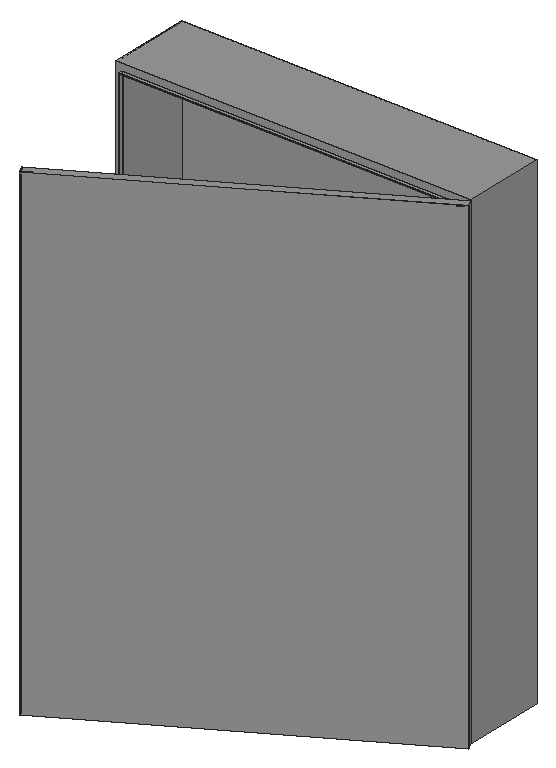
Revit family "Hager-Univers-IP44-D205-H1100-Cl.II-Encl-NoHosted-CH-it", category Electrical Equipment, Revit 2020
Family settings
  Panel Configuration = Two Columns, Circuits Across
  Round Connector Dimension = Use Diameter
  Part Type = Panelboard
  Work Plane-Based = Yes
  Always vertical = Yes
  Cut with Voids When Loaded = No
  Shared = No
  Room Calculation Point = No
Parameters (values of type "A parete IP44 L800 A1100 P205  - FP73QS")
  Width Control [instance] = if([EF000008 - Larghezza] > Min Width, [EF000008 - Larghezza], Min Width)  # 800 mm
  Type Comments = [HG000003 - Gamma]  # "Univers"
  Thickness Door [instance] = if([EF009171 - spessore materiale porta/coperchio] > 3 mm, 3 mm, [EF009171 - spessore materiale porta/coperchio])  # 1 mm
  Seal Frame Offset [instance] = 17 mm  # constant formula
  Plinth Visibility [instance] = [HG000027 - Altezza dello zoccolo] > 0 mm  # no
  Min Width [instance] = 100 mm  # constant formula
  Min Depth [instance] = (2 * [EF009170 - spessore materiale scatola]) + 1 mm  # 3 mm
  Min Height [instance] = 100 mm  # constant formula
  Internal Frame Depth [instance] = (Door System Depth * 0.5)  # 9 mm
  Panel Name [instance] = ""  # (empty or 0)
  Model = ""
  HG000027 - Altezza dello zoccolo = 0 mm
  HG000026 - A pavimento = no
  HG000024 - Altezza della sezione inferiore = 600 mm
  HG000023 - Custodia a doppia sezione = no
  HG000016 - Visibilità delle porte nella vista 3D [instance] = yes
  HG000015 - Visibilità attraverso la porta [instance] = no
  HG000014 - Porta destra [instance] = yes
  HG000013 - Porta sinistra [instance] = not([HG000014 - Porta destra])  # no
  HG000012 - Angolo di apertura della porta [instance] = 30.00°
  HG000010 - Porte asimmetriche = no
  HG000009 - Porta doppia a battente = no
  HG000006 - Ad incasso = no
  HG000004 - Codice produttore = "FP73QS"
  HG000003 - Gamma = "Univers"
  HG000002 - Con porta = yes
  Frame Offset Bottom [instance] = 10 mm  # constant formula
  Frame Offset [instance] = 15 mm  # constant formula
  EF015940 - Coprire con rilascio di sovrapressione = no
  EF011959 - tipo di protezione (NEMA) = ""
  EF009554 - numero delle aperture per la piastra della flangia = 6
  EF009212 - esecuzione coperchio = "EV000116 - chiuso"
  EF009171 - spessore materiale porta/coperchio = 1 mm
  EF009170 - spessore materiale scatola = 1 mm
  EF008873 - corrente nominale (In) = 250 A
  EF007800 - adatto per parafulmine = no
  EF006306 - con serratura = no
  EF006244 - coperchio/porta trasparente = no
  EF005474 - grado di protezione (IP) = "EV006418 - IP44"
  EF004464 - tipo di porta = "EV002646 - singolo"
  EF004427 - numero di moduli = 252
  EF004293 - resistenza agli urti = "EV006815 - IK09"
  EF003532 - adatto per uso esterno = no
  EF002950 - Numero moduli DIN = 36
  EF001613 - Integrità del circuito = "EV000494 - senza"
  EF001596 - Attacco Lampada = "EV000179 - acciaio"
  EF001131 - profondità interna = 143 mm
  EF001088 - possibilità di applicazione = yes
  EF000437 - numero di ingressi per conduttori = 6
  EF000339 - tipo di copertura = "EV001012 - coperchio"
  EF000266 - numero di file = 7
  EF000218 - profondità di incasso = 0 mm
  EF000118 - con piastra di montaggio = no
  EF000116 - numero RAL = "9010"
  EF000049 - profondità = 205 mm
  EF000040 - Altezza = 1100 mm
  EF000008 - Larghezza = 800 mm
  EF000007 - colore = "EV000202 - bianco"
  EF000003 - Tipo di montaggio = "EV000384 - A parete"
  Door System Leaf Tolerance [instance] = 1.5 mm  # constant formula
  Door System Depth [instance] = 18 mm  # constant formula
  Door Height [instance] = Height Control - [HG000027 - Altezza dello zoccolo]  # 1100 mm
  Description = ""
  Default Elevation = 1219.2 mm
  Connector Offset [instance] = Height Control / 2  # 550 mm
  Manufacturer = "Hager"  # constant formula
  Height Control [instance] = if([EF000040 - Altezza] > Min Height, [EF000040 - Altezza], Min Height)  # 1100 mm
  Depth Control [instance] = if([EF000049 - profondità] > Min Depth, [EF000049 - profondità], Min Depth)  # 205 mm
  Bottom Top Plate Trim [instance] = 1.5 mm  # constant formula
  Plinth height Ctrl [instance] = if([HG000027 - Altezza dello zoccolo] > 0 mm, [HG000027 - Altezza dello zoccolo], 12 mm)  # 12 mm
Types (5, lengths in mm): name | Width Control | HG000009 - Porta doppia a battente | HG000004 - Codice produttore | EF009554 - numero delle aperture per la piastra della flangia | EF004464 - tipo di porta | EF004427 - numero di moduli | EF002950 - Numero moduli DIN | EF000437 - numero di ingressi per conduttori | EF000008 - Larghezza
  A parete IP44 L1050 A1100 P205  - FP74QS | 1050 | yes | "FP74QS" | 8 | "EV003602 - doppio" | 336 | 48 | 8 | 1050
  A parete IP44 L1300 A1100 P205  - FP75QS | 1300 | yes | "FP75QS" | 10 | "EV003602 - doppio" | 420 | 60 | 10 | 1300
  A parete IP44 L300 A1100 P205  - FP71QS | 300 | no | "FP71QS" | 2 | "EV002646 - singolo" | 84 | 12 | 2 | 300
  A parete IP44 L550 A1100 P205  - FP72QS | 550 | no | "FP72QS" | 4 | "EV002646 - singolo" | 168 | 24 | 4 | 550
  A parete IP44 L800 A1100 P205  - FP73QS | 800 | no | "FP73QS" | 6 | "EV002646 - singolo" | 252 | 36 | 6 | 800
Reference planes
  plane 1 "Center (Front/Back)": y = 0
  plane 2: z = 0
  plane 3 "Center (Left/Right)": x = 0
  plane 4: y = 0
  plane 5: y = 0
  plane 6: z = 0
  plane 7: x = -400
  plane 8: x = 400
  plane 9: x = 399
  plane 10: x = -399
  plane 11: z = 0
  plane 12: z = 1
  plane 13: y = -205
  plane 14: y = -1
  plane 15: x = 0
  plane 16: y = -187
  plane 17: y = -204
  plane 18: y = -186
  plane 19: x = -384
  plane 20: x = 384
  plane 21: z = 11
  plane 22: x = -383
  plane 23: x = 383
  plane 24: z = 0
  plane 25: z = 1100
  plane 26: z = 1100
  plane 27: z = 1084
  plane 28: z = 1099
Forms (mm)
  Extrusion 1, solid, material "Hager_Steel_RAL7035_Light_Grey", detail levels medium+fine
    sketch origin (-208.679, -4572, 0) x (-1, 0, 0) y (0, -1, 0)
      loop
        line (191.321, -4385) -> (-608.679, -4385) -> (-608.679, -4572) -> (191.321, -4572) -> (191.321, -4385)
    from 0 to 1100
  Extrusion 2, void
    sketch origin (-350.771, -205, 1219.2) x (1, 0, 0) y (0, 0, 1)
      loop
        line (-48.229, -120.2) -> (-48.229, -1218.2) -> (749.771, -1218.2) -> (749.771, -120.2) -> (-48.229, -120.2)
    from -19 to -204
  Extrusion 3, void
    sketch origin (-290.084, -187, 1219.2) x (1, 0, 0) y (0, 0, 1)
      loop
        line (-93.916, -1208.2) -> (674.084, -1208.2) -> (674.084, -135.2) -> (-93.916, -135.2) -> (-93.916, -1208.2)
    from 0 to -1
  Extrusion 4, solid, material "Hager_Steel_RAL7035_Light_Grey", visible <- "Plinth Visibility", detail levels medium+fine
    sketch origin (0, 0, 0) x (1, 0, 0) y (0, 1, 0)
      loop
        line (-400, 0) -> (-400, -187) -> (400, -187) -> (400, 0) -> (-400, 0)
    from 0 to 12 <- "Plinth height Ctrl"
  Extrusion 5, solid, material "Hager_Steel_RAL7035_Light_Grey", detail levels coarse
    sketch origin (0, 0, 0) x (1, 0, 0) y (0, 1, 0)
      loop
        line (-400, 0) -> (-400, -205) -> (400, -205) -> (400, 0) -> (-400, 0)
    from 0 to 1100 <- "Height Control"
  Sweep 6, void
    path in 3D
      loop
        line (-400, -187, 12) -> (400, -187, 12) -> (400, 0, 12) -> (-400, 0, 12) -> (-400, -187, 12)
    profile origin (-400, -93.5, 12) x (1, 0, 0) y (0, 0, 1)
      loop
        line (0, 0) -> (0, -1.5) -> (1.5, -1.5)
        arc (1.5, -1.5) -> (1.061, -0.439) -> (0, 0) r 1.5
  Extrusion 7, solid, material "Hager_Steel_RAL7035_Light_Grey", detail levels fine
    sketch origin (-400, -187, 0) x (1, 0, 0) y (0, 0, 1)
      loop
        line (16, 11) -> (784, 11) -> (784, 1084) -> (16, 1084) -> (16, 11)
      loop
        line (15, 10) -> (785, 10) -> (785, 1085) -> (15, 1085) -> (15, 10)
    from 0 to 9 <- "Internal Frame Depth"
Cuts and joins
  Extrusion 2, Extrusion 3 cuts Extrusion 1
  Sweep 6 cuts Extrusion 4
Lines and regions (mm)
  Masking region 1
    outline origin (0, 0, 0) x (1, 0, 0) y (0, 1, 0)
      loop
        line (-400, 0) -> (-400, -205) -> (400, -205) -> (400, 0) -> (-400, 0)
  Masking region 2, detail levels coarse
    outline origin (-290.084, -187, 1219.2) x (-1, 0, 0) y (0, 0, 1)
      loop
        line (-690.084, -1219.2) -> (109.916, -1219.2) -> (109.916, -119.2) -> (-690.084, -119.2) -> (-690.084, -1219.2)
  Masking region 3, detail levels coarse
    outline origin (0, 0, 0) x (0, 1, 0) y (0, 0, 1)
      loop
        line (0, 0) -> (0, 1100) -> (-205, 1100) -> (-205, 0) -> (0, 0)
  Masking region 4, visible <- "Plinth Visibility", detail levels medium+fine
    outline origin (0, 0, 0) x (0, 1, 0) y (0, 0, 1)
      loop
        line (-1.5, 12) -> (-185.5, 12)
        arc (-185.5, 12) -> (-185.939, 10.939) -> (-187, 10.5) r 1.5
        line (-187, 10.5) -> (-187, 0) -> (0, 0) -> (0, 10.5)
        arc (0, 10.5) -> (-1.061, 10.939) -> (-1.5, 12) r 1.5
  Masking region 5, detail levels medium+fine
    outline origin (0, 0, 594.038) x (0, 1, 0) y (0, 0, 1)
      loop
        line (0, -594.038) -> (0, 505.962) -> (-187, 505.962) -> (-187, -594.038) -> (0, -594.038)
  Masking region 6, detail levels medium+fine
    outline origin (-359.7, -187, 1211.883) x (-1, 0, 0) y (0, 0, 1)
      loop
        line (-759.7, -1211.883) -> (40.3, -1211.883) -> (40.3, -111.883) -> (-759.7, -111.883) -> (-759.7, -1211.883)
  Masking region 7, visible <- "Plinth Visibility", detail levels medium+fine
    outline origin (-320.334, -187, 1041.368) x (-1, 0, 0) y (0, 0, 1)
      loop
        line (-720.334, -1041.368) -> (79.666, -1041.368) -> (79.666, -1030.868)
        arc (79.666, -1030.868) -> (78.606, -1030.429) -> (78.166, -1029.368) r 1.5
        line (78.166, -1029.368) -> (-718.834, -1029.368)
        arc (-718.834, -1029.368) -> (-719.273, -1030.429) -> (-720.334, -1030.868) r 1.5
        line (-720.334, -1030.868) -> (-720.334, -1041.368)
  sketch lines
    curve 1: line (-400, 0, 12) -> (-400, -187, 12)
    curve 2: line (-400, -187, 12) -> (400, -187, 12)
    curve 3: line (400, 0, 12) -> (-400, 0, 12)
    curve 4: line (400, -187, 12) -> (400, 0, 12)
Dimensions and locks
  locked: plane 1 "Center (Front/Back)" to plane 5
  "EF009170 - spessore materiale scatola": plane 7 to plane 10
  "EF009170 - spessore materiale scatola": plane 8 to plane 9
  equal spacing: plane 7, plane 3 "Center (Left/Right)", plane 8
  "Width Control": plane 7 to plane 8
  "Depth Control": plane 4 to plane 13
  "EF009170 - spessore materiale scatola": plane 4 to plane 14
  "Height Control": plane 25 to level
  "HG000027 - Altezza dello zoccolo": plane 11 to level
  "EF009170 - spessore materiale scatola": plane 12 to plane 11
  "EF009170 - spessore materiale scatola": plane 17 to plane 13
  "EF009170 - spessore materiale scatola": plane 18 to plane 16
  "Frame Offset Bottom": plane 21 to plane 12
  "Frame Offset": plane 10 to plane 19
  "Frame Offset": plane 9 to plane 20
  "Door System Depth": plane 16 to plane 13
  "Seal Frame Offset": plane 7 to plane 22
  "Seal Frame Offset": plane 8 to plane 23
  "EF009170 - spessore materiale scatola": plane 26 to plane 28
  "Frame Offset": plane 28 to plane 27
  "Connector Offset": plane 2 to connector elem
  "Bottom Top Plate Trim": profile plane to Sweep 6 sketch curve
  "Bottom Top Plate Trim": Sweep 6 sketch curve to Sweep 6 sketch curve
  "Plinth height Ctrl": Masking region 4 sketch curve to level
  "Plinth height Ctrl": Masking region 7 sketch curve to level
  "Thickness Door": Extrusion 7 sketch curve to Extrusion 7 sketch curve  (x4)
  "Bottom Top Plate Trim": radius of Sweep 6 sketch curve
  "Bottom Top Plate Trim": radius of Masking region 4 sketch curve  (x2)
  "Bottom Top Plate Trim": radius of Masking region 7 sketch curve  (x2)
  aligned and locked: Extrusion 2 sketch curve to plane 12
  aligned and locked: Extrusion 2 sketch curve to plane 9
  aligned and locked: Extrusion 2 sketch curve to plane 10
  aligned and locked: Extrusion 2 to plane 14
  aligned and locked: Extrusion 1 sketch curve to plane 4
  aligned and locked: plane 8 to Extrusion 1 sketch curve
  aligned and locked: plane 7 to Extrusion 1 sketch curve
  aligned and locked: Extrusion 2 to plane 18
  aligned and locked: Extrusion 3 sketch curve to plane 19
  aligned and locked: plane 20 to Extrusion 3 sketch curve
  aligned and locked: Extrusion 3 to Extrusion 2
  aligned and locked: Extrusion 3 sketch curve to plane 21
  aligned and locked: plane 3 "Center (Left/Right)" to nested 1
  aligned and locked: Extrusion 1 sketch curve to plane 16
  aligned and locked: Extrusion 4 sketch curve to cut or joined group of Extrusion 1, Extrusion 2, Extrusion 3
  aligned and locked: Masking region 1 sketch curve to plane 7
  aligned and locked: Masking region 1 sketch curve to plane 5
  aligned and locked: Masking region 1 sketch curve to plane 8
  aligned and locked: Masking region 2 sketch curve to level
  aligned and locked: level to Masking region 3 sketch curve
  aligned and locked: plane 1 "Center (Front/Back)" to Masking region 3 sketch curve
  aligned and locked: plane 13 to Masking region 3 sketch curve
  aligned and locked: plane 5 to Masking region 4 sketch curve
  aligned and locked: Masking region 2 sketch curve to plane 8
  aligned and locked: Masking region 2 sketch curve to plane 7
  aligned and locked: plane 7 to nested 2
  aligned and locked: nested 2 to plane 5
  aligned and locked: plane 5 to Masking region 5 sketch curve
  aligned and locked: plane 26 to Masking region 5 sketch curve
  aligned and locked: Extrusion 5 sketch curve to plane 8
  aligned and locked: Extrusion 5 sketch curve to plane 7
  aligned and locked: Extrusion 5 sketch curve to plane 5
  aligned and locked: Extrusion 3 sketch curve to plane 27
  aligned and locked: Extrusion 2 sketch curve to plane 28
  aligned and locked: Masking region 2 to plane 25
  aligned and locked: Extrusion 4 to plane 16
  aligned and locked: profile plane to Sweep 6 sketch curve
  aligned and locked: Masking region 5 sketch curve to plane 24
  aligned and locked: level to Masking region 4 sketch curve
  aligned and locked: Masking region 1 to plane 13
  aligned and locked: nested 1 to plane 16
  aligned and locked: Masking region 3 to plane 25
  aligned and locked: plane 16 to Masking region 4 sketch curve
  aligned and locked: Masking region 5 sketch curve to plane 16
  aligned and locked: plane 24 to plane 11
  aligned and locked: plane 26 to plane 25
  aligned and locked: plane 26 to cut or joined group of Extrusion 1, Extrusion 2, Extrusion 3
  aligned and locked: nested 1 to plane 24
  aligned and locked: Extrusion 1 to Extrusion 3
  aligned and locked: Masking region 6 sketch curve to plane 8
  aligned and locked: Masking region 6 sketch curve to plane 24
  aligned and locked: Masking region 6 sketch curve to plane 7
  aligned and locked: Masking region 6 sketch curve to plane 26
  aligned and locked: Masking region 7 sketch curve to plane 7
  aligned and locked: level to Masking region 7 sketch curve
  aligned and locked: Masking region 7 sketch curve to plane 8
  aligned and locked: Extrusion 7 sketch curve to cut or joined group of Extrusion 1, Extrusion 2, Extrusion 3  (x4)
Automatic sketch dimensions
  plane 19 to Extrusion 3 sketch curve = 0 mm
  Extrusion 3 sketch curve to plane 20 = 0 mm
  Extrusion 3 sketch curve to plane 21 = 0 mm
  Extrusion 4 sketch curve to plane 7 = 0 mm
  Extrusion 4 sketch curve to plane 8 = 0 mm
  Extrusion 4 sketch curve to plane 16 = 0 mm
  Masking region 1 sketch curve to plane 13 = 0 mm
  Masking region 2 sketch curve to plane 25 = 0 mm
  Masking region 3 sketch curve to plane 25 = 0 mm
  Extrusion 5 sketch curve to plane 13 = 0 mm
  profile plane to Sweep 6 sketch curve = 0 mm
Nested families
  nested 1: "EC000058_Univers_Door" at (0, -187, 0), Double <- "HG000009 - Porta doppia a battente", Transparent <- "EF006244 - coperchio/porta trasparente", Angle <- "HG000012 - Angolo di apertura della porta", Door_Right <- "HG000014 - Porta destra", Assymetrical <- "HG000010 - Porte asimmetriche", Door <- "HG000002 - Con porta", Width_Ctrl <- "Width Control", 3d_Door <- "HG000016 - Visibilità delle porte nella vista 3D", Clearance <- "HG000015 - Visibilità attraverso la porta", Door_Left <- "HG000013 - Porta sinistra", Width <- "Width Control", Door_Depth <- "Door System Depth", Leaf_Tolerance <- "Door System Leaf Tolerance", Height <- "Door Height", Lock_Visibility <- "EF006306 - con serratura", Thickness <- "Thickness Door", type "EC000058_Univers_Door", detail levels medium+fine
    with min_wh 3 mm, Width_Ctrl 800 mm, Width 800 mm, Transparent no, Thickness 1 mm, Seal_Material Hager_Rubber, Lock_Visibility no, Lock_Material Hager_Plastic_RAL9005_Jet_Black, Leaf_Width 800 mm, Leaf_Tolerance_External_Sides 0 mm, Leaf_Tolerance 1.5 mm, Leaf_Offset 0 mm, Leaf_Height 1097 mm, Leaf_2_Width 800 mm, Leaf_2_Offset 400 mm, Leaf_1_Width 800 mm, Leaf_1_Offset 400 mm, Height_Ctrl 1100 mm, Height 1100 mm, Glass_Material Hager_Glass, Double_Clearance_Ctrl no, Double no, Door_Right_Ctrl yes, Door_Right yes, Door_Material Hager_Steel_RAL7035_Light_Grey, Door_Left_Ctrl no, Door_Left no, Door_Depth 18 mm, Door yes, Clearance_Material Hager_Clearance, Clearance_Depth 800 mm, Clearance_Ctrl no, Clearance no, Assymetrical no, Angle 30.00°, 3d_Door yes
  nested 2: "Hager_Enclosure_Symbol" at (-400, 0, 0), Height <- "Depth Control", Width <- "Width Control", type "Hager_Enclosure_Symbol"
    with Width_Ctrl 800 mm, Width 800 mm, Height_Ctrl 205 mm, Height 205 mm, A_Width_Int 13.453 mm, A_Width 161.438 mm, A_Height_Ctrl 179.375 mm, A_Height 179.375 mm
Connectors
  electrical at (0, 0, 550)
    settings: on plane 1 "Center (Front/Back)", index 1, voltage 0 V, apparent load 0 VA, apparent load phase1 0 VA, apparent load phase2 0 VA, apparent load phase3 0 VA, power factor 1, load classification "Other", number of poles 1, system type 30, power factor state 1, is connector primary yes, connector utility no, sub classification motor no, connector description ""
Definition of nested family "EC000058_Univers_Door"
  Parameters (values of type "EC000058_Univers_Door")
    min_wh [instance] = (2 * Thickness) + 1 mm  # 11 mm
    Width_Ctrl [instance] = 400 mm
    Width [instance] = 500 mm
    Transparent [instance] = yes
    Thickness [instance] = 5 mm
    Seal_Material [instance] = none
    Lock_Visibility [instance] = yes
    Lock_Material [instance] = none
    Leaf_Width [instance] = if((Width_Ctrl - 2 * Leaf_Tolerance_External_Sides) > 0 mm, (Width_Ctrl - 2 * Leaf_Tolerance_External_Sides), min_wh)  # 400 mm
    Leaf_Tolerance_External_Sides [instance] = 0 mm  # constant formula
    Leaf_Tolerance [instance] = 1.5 mm
    Leaf_Offset [instance] = 0 mm  # constant formula
    Leaf_Height [instance] = if((Height_Ctrl - 2 * Leaf_Tolerance) > 0 mm, (Height_Ctrl - 2 * Leaf_Tolerance), min_wh)  # 497 mm
    Leaf_2_Width [instance] = if(and(and(Double, Assymetrical), Door_Left), (Leaf_Width / 3) - (Leaf_Tolerance / 2), if(and(and(Double, Assymetrical), Door_Right), (Leaf_Width / 3) * 2 - (Leaf_Tolerance / 2), if(and(Double, not(Assymetrical)), (Leaf_Width / 2) - Leaf_Tolerance, Leaf_Width)))  # 400 mm
    Leaf_2_Offset [instance] = if(and(Double, Assymetrical), Leaf_2_Width / 2, if(and(Double, not(Assymetrical)), Leaf_Width / 4, Leaf_Width / 2))  # 200 mm
    Leaf_1_Width [instance] = if(and(and(Double, Assymetrical), Door_Right), (Leaf_Width / 3) - (Leaf_Tolerance / 2), if(and(and(Double, Assymetrical), Door_Left), (Width / 3) * 2 - (Leaf_Tolerance / 2), if(and(Double, not(Assymetrical)), (Leaf_Width / 2) - Leaf_Tolerance, Leaf_Width)))  # 400 mm
    Leaf_1_Offset [instance] = if(and(Double, Assymetrical), Leaf_1_Width / 2, if(and(Double, not(Assymetrical)), Leaf_Width / 4, Leaf_Width / 2))  # 200 mm
    Height_Ctrl [instance] = if(Height > min_wh, Height, min_wh)  # 500 mm
    Height [instance] = 500 mm
    Glass_Material [instance] = none
    Double_Clearance_Ctrl [instance] = and(Double, Clearance)  # no
    Double [instance] = no
    Door_Right_Ctrl [instance] = and(or(Door_Right, Double), Door)  # yes
    Door_Right [instance] = yes
    Door_Material [instance] = none
    Door_Left_Ctrl [instance] = and(or(Door_Left, Double), Door)  # no
    Door_Left [instance] = no
    Door_Depth [instance] = 30 mm
    Door [instance] = yes
    Default Elevation = 1219.2 mm
    Clearance_Material [instance] = none
    Clearance_Depth [instance] = if(Leaf_1_Width > Leaf_2_Width, Leaf_1_Width, Leaf_2_Width)  # 400 mm
    Clearance_Ctrl [instance] = and(not(Double), Clearance)  # yes
    Clearance [instance] = yes
    Assymetrical [instance] = yes
    Angle [instance] = 30.00°
    3d_Door [instance] = yes
  Reference planes
    plane 1 "Center (Front/Back)": y = 0
    plane 2 "Bottom": z = 0
    plane 3 "Center (Left/Right)": x = 0
    plane 4: z = 500
    plane 5: x = -200
    plane 6: x = 200
    plane 7: z = 500
    plane 8: x = -200
    plane 9: z = 0
    plane 10: x = 200
    plane 11: y = 0
    plane 12: z = 1.5
    plane 13: x = -600
    plane 14: y = -400
    plane 15: x = 600
    plane 16: x = 0
    plane 17: x = 0
    plane 18: x = -200
    plane 19: x = 200
    plane 20: z = 498.5
  Forms (mm)
    Extrusion 1, solid, material <- "Clearance_Material", visible <- "Double_Clearance_Ctrl"
      sketch origin (1200, 0, 0) x (1, 0, 0) y (0, 0, -1)
        loop
          line (-1800, -498.5) -> (-600, -498.5) -> (-600, 0) -> (-1800, 0) -> (-1800, -498.5)
      from 0 to -400
  Dimensions and locks
    equal spacing: plane 5, plane 3 "Center (Left/Right)", plane 6
    "Width_Ctrl": plane 5 to plane 6
    "Leaf_Offset": plane 5 to plane 8
    "Leaf_Offset": plane 6 to plane 10
    "Leaf_Offset": plane 9 to level
    "Leaf_Offset": plane 4 to plane 7
    "Height_Ctrl": plane 4 to level
    "Leaf_Tolerance": plane 12 to plane 9
    locked: plane 11 to plane 1 "Center (Front/Back)"
    "Leaf_1_Offset": plane 18 to plane 16
    "Leaf_2_Offset": plane 17 to plane 19
    "Leaf_1_Width": plane 13 to plane 8
    "Leaf_2_Width": plane 10 to plane 15
    "Clearance_Depth": plane 14 to plane 1 "Center (Front/Back)"
    "Leaf_Tolerance_External_Sides": plane 8 to plane 18
    "Leaf_Tolerance_External_Sides": plane 19 to plane 10
    "Leaf_Tolerance": plane 7 to plane 20
    aligned and locked: level to plane 2 "Bottom"
    aligned and locked: nested 1 to plane 16
    aligned and locked: nested 2 to plane 17
    aligned and locked: Extrusion 1 to plane 13
    aligned and locked: plane 15 to Extrusion 1
    aligned and locked: Extrusion 1 to plane 14
    aligned and locked: plane 12 to nested 1
    aligned and locked: nested 2 to plane 12
    aligned and locked: Extrusion 1 to plane 11
    aligned and locked: plane 20 to Extrusion 1
    aligned and locked: nested 2 to plane 11
    aligned and locked: nested 1 to plane 11
  Automatic sketch dimensions
    Extrusion 1 sketch curve to level = 0 mm
    plane 5 to Extrusion 1 sketch curve = 400 mm
    plane 6 to Extrusion 1 sketch curve = 400 mm
    Extrusion 1 sketch curve to plane 4 = 1.5 mm
  Nested families
    nested 1: "EC000058_Univers_Door_Leaf" at (0, 0, 1.5), Width <- "Leaf_1_Width", visible <- "Door_Left_Ctrl", Leaf_Height <- "Leaf_Height", Angle <- "Angle", 3d_Door <- "3d_Door", Transparent <- "Transparent", Clearance Material <- "Clearance_Material", Clearance <- "Clearance_Ctrl", Door_Material <- "Door_Material", Glass_Material <- "Glass_Material", Door_Depth <- "Door_Depth", Lock_Material <- "Lock_Material", Seal_Material <- "Seal_Material", Lock_Visibility <- "Lock_Visibility", Thickness <- "Thickness", type "EC000058_Univers_Door_Leaf"
      with Width 400 mm, Transparent_Glass_Offset 30 mm, Transparent_Ctrl yes, Transparent yes, Thickness 5 mm, Standard no, Seal_Material none, Seal_D2 8 mm, Seal_D1 1 mm, Offset_Internal_Frame 10 mm, Lock_Width 20 mm, Lock_Visibility_3d yes, Lock_Visibility yes, Lock_Thickness_3 3 mm, Lock_Thickness_2 1 mm, Lock_Thickness_1 3 mm, Lock_Radius_Offset_2 16 mm, Lock_Radius_Offset_1 15 mm, Lock_Radius_2 5 mm, Lock_Radius 6 mm, Lock_Offset 5 mm, Lock_Material none, Lock_Height 80 mm, Lock_Cover_Top_Offset_2d 17 mm, Lock_Cover_Height -65 mm, Leaf_Height 497 mm, Internal_Seal_Thickness 8 mm, Internal_Seal_Depth_2 4.5 mm, Internal_Frame_Depth 25 mm, Glass_Thickness -1 mm, Glass_Offset -2 mm, Glass_Material none, Door_Material none, Door_Depth 30 mm, Clearance Material none, Clearance yes, Angle_Ctrl 30.00°, Angle 30.00°, 3d_Door yes
    nested 2: "EC000058_Univers_Door_Leaf" at (0, 0, 1.5) x (-1, 0, 0) z (0, 0, 1), Width <- "Leaf_2_Width", visible <- "Door_Right_Ctrl", Leaf_Height <- "Leaf_Height", Angle <- "Angle", 3d_Door <- "3d_Door", Transparent <- "Transparent", Clearance Material <- "Clearance_Material", Clearance <- "Clearance_Ctrl", Door_Material <- "Door_Material", Glass_Material <- "Glass_Material", Door_Depth <- "Door_Depth", Lock_Material <- "Lock_Material", Seal_Material <- "Seal_Material", Lock_Visibility <- "Lock_Visibility", Thickness <- "Thickness", type "EC000058_Univers_Door_Leaf"
      with Width 400 mm, Transparent_Glass_Offset 30 mm, Transparent_Ctrl yes, Transparent yes, Thickness 5 mm, Standard no, Seal_Material none, Seal_D2 8 mm, Seal_D1 1 mm, Offset_Internal_Frame 10 mm, Lock_Width 20 mm, Lock_Visibility_3d yes, Lock_Visibility yes, Lock_Thickness_3 3 mm, Lock_Thickness_2 1 mm, Lock_Thickness_1 3 mm, Lock_Radius_Offset_2 16 mm, Lock_Radius_Offset_1 15 mm, Lock_Radius_2 5 mm, Lock_Radius 6 mm, Lock_Offset 5 mm, Lock_Material none, Lock_Height 80 mm, Lock_Cover_Top_Offset_2d 17 mm, Lock_Cover_Height -65 mm, Leaf_Height 497 mm, Internal_Seal_Thickness 8 mm, Internal_Seal_Depth_2 4.5 mm, Internal_Frame_Depth 25 mm, Glass_Thickness -1 mm, Glass_Offset -2 mm, Glass_Material none, Door_Material none, Door_Depth 30 mm, Clearance Material none, Clearance yes, Angle_Ctrl 30.00°, Angle 30.00°, 3d_Door yes
  Definition of nested family "EC000058_Univers_Door_Leaf"
    Parameters (values of type "EC000058_Univers_Door_Leaf")
      Width [instance] = 2000 mm
      Transparent_Glass_Offset [instance] = 30 mm
      Transparent_Ctrl [instance] = and(Transparent, [3d_Door])  # yes
      Transparent [instance] = yes
      Thickness [instance] = 5 mm
      Standard [instance] = and(not(Transparent), [3d_Door])  # no
      Seal_Material [instance] = none
      Seal_D2 [instance] = 8 mm  # constant formula
      Seal_D1 [instance] = 1 mm  # constant formula
      Offset_Internal_Frame [instance] = 10 mm  # constant formula
      Lock_Width [instance] = 20 mm  # constant formula
      Lock_Visibility_3d [instance] = and(Lock_Visibility, [3d_Door])  # yes
      Lock_Visibility [instance] = yes
      Lock_Thickness_3 [instance] = 3 mm  # constant formula
      Lock_Thickness_2 [instance] = 1 mm  # constant formula
      Lock_Thickness_1 [instance] = 3 mm  # constant formula
      Lock_Radius_Offset_2 [instance] = Lock_Radius_Offset_1 + 1 mm  # 16 mm
      Lock_Radius_Offset_1 [instance] = 15 mm  # constant formula
      Lock_Radius_2 [instance] = Lock_Radius - 1 mm  # 5 mm
      Lock_Radius [instance] = 6 mm  # constant formula
      Lock_Offset [instance] = 5 mm  # constant formula
      Lock_Material [instance] = none
      Lock_Height [instance] = 80 mm  # constant formula
      Lock_Cover_Top_Offset_2d [instance] = Lock_Radius_Offset_2 + 1 mm  # 17 mm
      Lock_Cover_Height [instance] = -(Lock_Height - Lock_Radius_Offset_1)  # -65 mm
      Leaf_Height [instance] = 2720.336 mm
      Internal_Seal_Thickness [instance] = 8 mm  # constant formula
      Internal_Seal_Depth_2 [instance] = 4.5 mm  # constant formula
      Internal_Frame_Depth [instance] = if(Door_Depth - Thickness > 5 mm, Door_Depth - Thickness, 5 mm)  # 25 mm
      Glass_Thickness [instance] = if(Thickness > 15 mm, Glass_Offset + 10 mm, -1 mm)  # -1 mm
      Glass_Offset [instance] = if(Thickness > 15 mm, -(Thickness + 10 mm) / 2, -2 mm)  # -2 mm
      Glass_Material [instance] = none
      Door_Material [instance] = none
      Door_Depth [instance] = 30 mm
      Default Elevation = 0 mm
      Clearance Material [instance] = none
      Clearance [instance] = yes
      Angle_Ctrl [instance] = if(Angle > 180.00°, 180.00°, Angle)  # 90.00°
      Angle [instance] = 90.00°
      3d_Door [instance] = yes
    Reference planes
      plane 1 "Center (Front/Back)": y = 0
      plane 2: z = 0
      plane 3 "Center (Left/Right)": x = 0
      plane 4: y = 2000
      plane 5: x = -1000
      plane 6: x = 1000
      plane 7: x = -3000
      plane 8: z = 2720.336
      plane 9: z = 30
      plane 10: z = 2690.336
      plane 11: x = 970
      plane 12: x = -970
      plane 13: y = -3
      plane 14: z = 107.833
      plane 15: y = -5
      plane 16: y = -223.314
      plane 17: x = -1000
      plane 18: z = 1360.168
      plane 19: y = 30
    Forms (mm)
      Extrusion 1, solid, material <- "Clearance Material", visible <- "Clearance"
        sketch origin (0, 0, 0) x (1, 0, 0) y (0, 0, 1)
          loop
            line (-3000, 2720.336) -> (-3000, 0) -> (1000, 0) -> (1000, 2720.336) -> (-3000, 2720.336)
        from 0 to -2000
      Extrusion 2, solid, material <- "Door_Material", visible <- "Standard", detail levels medium+fine
        sketch origin (-1000, 0, 0) x (0, 1, 0) y (-1, 0, 0)
          loop
            line (0, 30) -> (0, 25) -> (2000, 25) -> (2000, 30) -> (0, 30)
        from 0 to 2720.336 <- "Leaf_Height"
      Extrusion 3, solid, material <- "Door_Material", visible <- "Transparent_Ctrl", detail levels medium+fine
        sketch origin (-1000, 0, 0) x (0, 1, 0) y (-1, 0, 0)
          loop
            line (0, 25) -> (2000, 25) -> (2000, 30) -> (0, 30) -> (0, 25)
        from 0 to 2720.336 <- "Leaf_Height"
      Extrusion 4, void
        sketch origin (-1025, 2000, 0) x (0, 1, 0) y (0, 0, -1)
          loop
            line (-30, -2690.336) -> (-30, -30) -> (-1970, -30) -> (-1970, -2690.336) -> (-30, -2690.336)
        from 0 to 5 <- "Thickness"
      Sweep 5, solid, material <- "Seal_Material", visible <- "Transparent_Ctrl", detail levels fine
        path in 3D
          loop
            line (-1025, 30, 30) -> (-1025, 30, 2690.336) -> (-1025, 1970, 2690.336) -> (-1025, 1970, 30) -> (-1025, 30, 30)
        profile origin (-1025, 1000, 30) x (1, 0, 0) y (0, 0, 1)
          loop
            line (0, 0) -> (0, -8) -> (1, -8) -> (1, 0) -> (0, 0)
      Extrusion 6, solid, material <- "Glass_Material", visible <- "Transparent_Ctrl", detail levels medium+fine
        sketch origin (-1030, 0, 0) x (0, 1, 0) y (0, 0, -1)
          loop
            line (1970, -2690.336) -> (1970, -30) -> (30, -30) -> (30, -2690.336) -> (1970, -2690.336)
        from -2 <- "Glass_Offset" to -1 <- "Glass_Thickness"
      Extrusion 7, solid, material <- "Door_Material", visible <- "3d_Door", detail levels medium+fine
        sketch origin (-1025, 2000, 0) x (0, -1, 0) y (0, 0, -1)
          loop
            line (0, -2720.336) -> (2000, -2720.336) -> (2000, 0) -> (0, 0) -> (0, -2720.336)
          loop
            line (1995, -5) -> (5, -5) -> (5, -2715.336) -> (1995, -2715.336) -> (1995, -5)
        from 0 to 25 <- "Internal_Frame_Depth"
      Sweep 8, solid, material <- "Seal_Material", visible <- "Transparent_Ctrl", detail levels fine
        path in 3D
          loop
            line (-1025, 0, 0) -> (-1025, 2000, 0) -> (-1025, 2000, 2720.336) -> (-1025, 0, 2720.336) -> (-1025, 0, 0)
        profile origin (-1025, 0, 1360.168) x (1, 0, 0) y (0, 1, 0)
          loop
            line (0, 10) -> (2.975, 10)
            arc (2.975, 10) -> (4.053, 10.447) -> (4.5, 11.525) r 1.525
            line (4.5, 11.525) -> (4.5, 16.527)
            arc (4.5, 16.527) -> (4.069, 17.569) -> (3.027, 18) r 1.473
            line (3.027, 18) -> (0, 18) -> (0, 10)
      Extrusion 9, solid, material <- "Lock_Material", visible <- "Lock_Visibility_3d", detail levels fine
        sketch origin (-1030, 0, 0) x (0, 1, 0) y (0, 0, -1)
          loop
            arc (1993.5, -1400.168) -> (1994.561, -1399.729) -> (1995, -1398.668) r 1.5
            line (1995, -1398.668) -> (1995, -1320.168) -> (1975, -1320.168) -> (1975, -1398.668)
            arc (1975, -1398.668) -> (1975.439, -1399.729) -> (1976.5, -1400.168) r 1.5
            line (1976.5, -1400.168) -> (1993.5, -1400.168)
        from 3 <- "Lock_Thickness_1" to 0
      Blend 10, solid, material <- "Lock_Material", visible <- "Lock_Visibility_3d", detail levels fine
        base sketch origin (-1033, 0, 0) x (0, 1, 0) y (0, 0, -1)
          loop
            line (1975, -1320.168) -> (1975, -1398.668)
            arc (1975, -1398.668) -> (1975.439, -1399.729) -> (1976.5, -1400.168) r 1.5
            line (1976.5, -1400.168) -> (1993.5, -1400.168)
            arc (1993.5, -1400.168) -> (1994.561, -1399.729) -> (1995, -1398.668) r 1.5
            line (1995, -1398.668) -> (1995, -1320.168) -> (1975, -1320.168)
        top sketch origin (-1033, 0, 0) x (0, 1, 0) y (0, 0, -1)
          loop
            line (1976, -1320.168) -> (1976, -1398.668)
            arc (1976, -1398.668) -> (1976.146, -1399.022) -> (1976.5, -1399.168) r 0.5
            line (1976.5, -1399.168) -> (1993.5, -1399.168)
            arc (1993.5, -1399.168) -> (1993.854, -1399.022) -> (1994, -1398.668) r 0.5
            line (1994, -1398.668) -> (1994, -1320.168) -> (1976, -1320.168)
        from 0 to 1 <- "Lock_Thickness_2"
      Blend 11, solid, material <- "Lock_Material", visible <- "Lock_Visibility_3d", detail levels fine
        base sketch origin (-1034, 0, 0) x (0, 1, 0) y (0, 0, -1)
          loop
            line (1978, -1320.168) -> (1978, -1384.168)
            arc (1978, -1384.168) -> (1985, -1391.168) -> (1992, -1384.168) r 7
            line (1992, -1384.168) -> (1992, -1320.168) -> (1978, -1320.168)
        top sketch origin (-1034, 0, 0) x (0, 1, 0) y (0, 0, -1)
          loop
            line (1991, -1320.168) -> (1979, -1320.168) -> (1979, -1383.168)
            arc (1979, -1383.168) -> (1985, -1389.168) -> (1991, -1383.168) r 6
            line (1991, -1383.168) -> (1991, -1320.168)
        from 0 to 3 <- "Lock_Thickness_3"
      Extrusion 12, solid, material <- "Lock_Material", visible <- "Lock_Visibility_3d", detail levels fine
        sketch origin (-1030, 1975, 1320.168) x (1, 0, 0) y (0, -1, 0)
          loop
            line (-7, -19) -> (-7, -1) -> (0, -1) -> (0, 0) -> (-8, 0) -> (-8, -20) -> (0, -20) -> (0, -19) -> (-7, -19)
        from 0 to -65 <- "Lock_Cover_Height"
      Extrusion 13, void
        sketch origin (-1038, 1995, 1320.168) x (-1, 0, 0) y (0, 0, -1)
          loop
            line (-5, -65) -> (0, -65) -> (-5, -60) -> (-5, -65)
        from 0 to 20 <- "Lock_Width"
      Extrusion 14, void
        sketch origin (-1038, 1975, 1320.168) x (0, -1, 0) y (0, 0, -1)
          loop
            circle (-10, -15.995) r 6
          loop
            circle (-10, -15.995) r 5
        from 0 to 2
      Extrusion 15, solid, material <- "Lock_Material", visible <- "Lock_Visibility_3d", detail levels medium
        sketch origin (-1030, 0, 0) x (0, 1, 0) y (0, 0, -1)
          loop
            arc (1993.5, -1400.168) -> (1994.561, -1399.729) -> (1995, -1398.668) r 1.5
            line (1995, -1398.668) -> (1995, -1320.168) -> (1975, -1320.168) -> (1975, -1398.668)
            arc (1975, -1398.668) -> (1975.439, -1399.729) -> (1976.5, -1400.168) r 1.5
            line (1976.5, -1400.168) -> (1993.5, -1400.168)
        from 8 to 0
    Cuts and joins
      Extrusion 4 cuts Extrusion 3
      Extrusion 13, Extrusion 14 cuts Extrusion 9
      Extrusion 14 cuts Blend 11
      Extrusion 13, Extrusion 14 cuts Extrusion 12
      joined: Extrusion 9, Blend 10, Blend 11, Extrusion 12
      Extrusion 14 cuts Extrusion 15
    Lines and regions (mm)
      Masking region 1, visible <- "Lock_Visibility", detail levels fine
        outline origin (0, 0, 0) x (0, 1, 0) y (0, 0, 1)
          loop
            line (30, 1320.168) -> (33, 1320.168) -> (33, 1400.168) -> (30, 1400.168) -> (30, 1320.168)
      Masking region 2, visible <- "Lock_Visibility", detail levels fine
        outline origin (0, 3.143, 0) x (0, 1, 0) y (0, 0, 1)
          loop
            line (29.857, 1354.168) -> (30.857, 1354.168) -> (30.857, 1366.168) -> (29.857, 1366.168) -> (29.857, 1354.168)
      Masking region 3, detail levels medium+fine
        outline origin (0, 0, 0) x (0, 1, 0) y (0, 0, 1)
          loop
            line (0, 0) -> (30, 0) -> (30, 2720.336) -> (0, 2720.336) -> (0, 0)
      Masking region 4, detail levels medium+fine
        outline origin (0, 0, 0) x (1, 0, 0) y (0, 0, 1)
          loop
            line (-1000, 2720.336) -> (-1000, 0) -> (1000, 0) -> (1000, 2720.336) -> (-1000, 2720.336)
      Masking region 5, visible <- "Lock_Visibility", detail levels fine
        outline origin (-47.116, 0, 0) x (1, 0, 0) y (0, 0, 1)
          loop
            arc (1024.616, 1399.168) -> (1023.556, 1398.729) -> (1023.116, 1397.668) r 1.5
            line (1023.116, 1397.668) -> (1023.116, 1320.168) -> (1041.116, 1320.168) -> (1041.116, 1397.668)
            arc (1041.116, 1397.668) -> (1040.677, 1398.729) -> (1039.616, 1399.168) r 1.5
            line (1039.616, 1399.168) -> (1024.616, 1399.168)
      Masking region 6, visible <- "Lock_Visibility", detail levels medium+fine
        outline origin (-25, 0, 0) x (1, 0, 0) y (0, 0, 1)
          loop
            arc (1001.5, 1400.168) -> (1000.439, 1399.729) -> (1000, 1398.668) r 1.5
            line (1000, 1398.668) -> (1000, 1320.168) -> (1020, 1320.168) -> (1020, 1398.668)
            arc (1020, 1398.668) -> (1019.561, 1399.729) -> (1018.5, 1400.168) r 1.5
            line (1018.5, 1400.168) -> (1001.5, 1400.168)
      Masking region 7, visible <- "Lock_Visibility", detail levels fine
        outline origin (-73.735, 0, 0) x (1, 0, 0) y (0, 0, 1)
          loop
            line (1051.735, 1382.168) -> (1065.735, 1382.168) -> (1065.735, 1384.168)
            arc (1065.735, 1384.168) -> (1058.735, 1391.168) -> (1051.735, 1384.168) r 7
            line (1051.735, 1384.168) -> (1051.735, 1382.168)
      Masking region 8, visible <- "Lock_Visibility", detail levels fine
        outline origin (-73.735, 0, 0) x (1, 0, 0) y (0, 0, 1)
          loop
            line (1052.735, 1382.168) -> (1064.735, 1382.168) -> (1064.735, 1383.168)
            arc (1064.735, 1383.168) -> (1058.735, 1389.168) -> (1052.735, 1383.168) r 6
            line (1052.735, 1383.168) -> (1052.735, 1382.168)
      Masking region 9, visible <- "Lock_Visibility", detail levels fine
        outline origin (-25, 0, 0) x (1, 0, 0) y (0, 0, 1)
          loop
            line (1020, 1320.168) -> (1020, 1382.168) -> (1000, 1382.168) -> (1000, 1320.168) -> (1020, 1320.168)
      Masking region 10, detail levels medium+fine
        outline origin (0, 0, 0) x (1, 0, 0) y (0, 0, 1)
          loop
            circle (985, 1335.144) r 6
      Masking region 11, detail levels fine
        outline origin (0, 0, 0) x (1, 0, 0) y (0, 0, 1)
          loop
            circle (985, 1335.144) r 5
      Masking region 12, visible <- "Lock_Visibility", detail levels fine
        outline origin (0, 12.767, 0) x (0, 1, 0) y (0, 0, 1)
          loop
            line (20.233, 1320.168) -> (21.233, 1320.168) -> (21.233, 1399.168) -> (20.233, 1400.168) -> (20.233, 1320.168)
      Masking region 13, visible <- "Lock_Visibility", detail levels fine
        outline origin (0, 13.767, -10) x (0, 1, 0) y (0, 0, 1)
          loop
            line (20.233, 1330.168) -> (23.233, 1330.168) -> (23.233, 1399.168) -> (20.233, 1402.168) -> (20.233, 1330.168)
      Masking region 14, visible <- "Lock_Visibility", detail levels fine
        outline origin (0, 12.767, -10) x (0, 1, 0) y (0, 0, 1)
          loop
            line (20.233, 1330.168) -> (25.233, 1330.168) -> (25.233, 1399.305) -> (20.233, 1394.305) -> (20.233, 1330.168)
      Masking region 15, visible <- "Lock_Visibility", detail levels medium
        outline origin (0, 0, 0) x (0, 1, 0) y (0, 0, 1)
          loop
            line (30, 1320.168) -> (38, 1320.168) -> (38, 1400.168) -> (30, 1400.168) -> (30, 1320.168)
      Masking region 16, visible <- "Lock_Visibility", detail levels fine
        outline origin (-1000, 0, 0) x (0, 1, 0) y (-1, 0, 0)
          loop
            line (1975, 30) -> (1995, 30) -> (1995, 38) -> (1975, 38) -> (1975, 30)
          loop
            line (1979, 37) -> (1976, 37) -> (1976, 34) -> (1978, 34) -> (1979, 37)
          loop
            line (1994, 37) -> (1991, 37) -> (1992, 34) -> (1994, 34) -> (1994, 37)
      Masking region 17, visible <- "Lock_Visibility", detail levels medium
        outline origin (-1000, 0, 0) x (0, 1, 0) y (-1, 0, 0)
          loop
            line (1975, 30) -> (1995, 30) -> (1995, 38) -> (1975, 38) -> (1975, 30)
      symbolic lines
        curve 1: line (1000, 0, 0) -> (-3000, 0, 0)
        curve 2: arc (1000, 0, 0) -> (-1000, 2000, 0) -> (-3000, 0, 0) r 2000
        curve 4: line (-1030, 0, 0) -> (-1030, 2000, 0)
      reference lines
        curve 3: line (-1000, 0, 0) -> (-1000, 2000, 0)
      symbolic lines, detail levels medium+fine
        curve 5: line (-1030, 2000, 0) -> (-1025, 2000, 0)
        curve 7: line (-1025, 0, 0) -> (-1030, 0, 0)
        curve 8: line (-1025, 0, 0) -> (-1000, 0, 0)
        curve 9: line (-1000, 0, 0) -> (-1000, 2000, 0)
        curve 10: line (-1000, 2000, 0) -> (-1025, 2000, 0)
      symbolic lines, detail levels fine
        curve 6: line (-1025, 2000, 0) -> (-1025, 0, 0)
      sketch lines
        curve 11: line (-1025, 0, 2720.336) -> (-1025, 0, 0)
        curve 12: line (-1025, 2000, 0) -> (-1025, 0, 0)
        curve 13: line (-1025, 2000, 2720.336) -> (-1025, 2000, 0)
        curve 14: line (-1025, 0, 2720.336) -> (-1025, 2000, 2720.336)
        curve 15: line (-1025, 1970, 30) -> (-1025, 30, 30)
        curve 16: line (-1025, 30, 30) -> (-1025, 30, 2690.336)
        curve 17: line (-1025, 1970, 2690.336) -> (-1025, 1970, 30)
        curve 18: line (-1025, 30, 2690.336) -> (-1025, 1970, 2690.336)
      symbolic lines, visible <- "Transparent", detail levels medium+fine
        curve 19: line (-970, 0, 2690.336) -> (970, 0, 2690.336)
        curve 20: line (-970, 0, 30) -> (-970, 0, 2690.336)
        curve 21: line (970, 0, 30) -> (-970, 0, 30)
        curve 22: line (970, 0, 2690.336) -> (970, 0, 30)
    Dimensions and locks
      "Width": plane 1 "Center (Front/Back)" to plane 4
      equal spacing: plane 5, plane 3 "Center (Left/Right)", plane 6
      "Width": plane 5 to plane 6
      "Width": plane 7 to plane 5
      "Leaf_Height": plane 8 to level
      "Width": curve 5 to curve 3
      "Width": curve 3 to curve 3
      plane 8 to plane 10 = 30 mm
      plane 9 to level = 30 mm
      plane 12 to plane 5 = 30 mm
      plane 6 to plane 11 = 30 mm
      Extrusion 1 to Extrusion 4 sketch curve = 30 mm
      "Transparent_Glass_Offset": curve 3 to Extrusion 4 sketch curve
      "Transparent_Glass_Offset": Extrusion 4 sketch curve to cut or joined group of Extrusion 3, Extrusion 4  (x2)
      cut or joined group of Extrusion 3, Extrusion 4 to Extrusion 6 sketch curve = 30 mm
      "Transparent_Glass_Offset": cut or joined group of Extrusion 3, Extrusion 4 to Extrusion 4 sketch curve
      "Thickness": curve 6 to curve 4
      "Thickness": Extrusion 7 sketch curve to Extrusion 7 sketch curve  (x4)
      "Door_Depth": curve 4 to curve 3
      "Offset_Internal_Frame": profile plane to Sweep 8 sketch curve
      "Internal_Seal_Thickness": Sweep 8 sketch curve to Sweep 8 sketch curve
      "Internal_Seal_Depth_2": profile plane to Sweep 8 sketch curve
      "Seal_D1": profile plane to Sweep 5 sketch curve
      "Seal_D2": profile plane to Sweep 5 sketch curve
      "Thickness": Extrusion 2 sketch curve to Extrusion 2 sketch curve
      equal spacing: Extrusion 9 sketch curve, plane 18, Extrusion 9 sketch curve  (x2)
      equal spacing: Masking region 1 sketch curve, plane 18, Masking region 1 sketch curve
      "Lock_Height": Masking region 1 sketch curve to Masking region 1 sketch curve
      "Lock_Radius": Masking region 2 sketch curve to plane 18 to Masking region 2 sketch curve
      Masking region 2 sketch curve to Masking region 1 = 1 mm
      "Door_Depth": plane 19 to plane 1 "Center (Front/Back)"
      "Lock_Thickness_1": Masking region 1 sketch curve to plane 19
      "Lock_Width": Extrusion 9 sketch curve to Extrusion 9 sketch curve
      "Lock_Height": Extrusion 9 sketch curve to Extrusion 9 sketch curve
      "Lock_Offset": cut or joined group of Extrusion 3, Extrusion 4 to Extrusion 9 sketch curve
      equal spacing: plane 8, plane 18, level
      "Lock_Radius_Offset_1": Blend 11 sketch curve to Blend 10
      locked: Blend 10 to Blend 11 sketch curve at 2  (x2)
      locked: var sketch to Blend 11 sketch curve at 1  (x2)
      "Lock_Radius_Offset_2": Blend 11 sketch curve to Blend 10
      locked: Extrusion 12 sketch curve to Extrusion 12 sketch curve at 1  (x3)
      Masking region 6 sketch curve to Masking region 6 sketch curve = 80 mm
      "Lock_Height": Masking region 6 sketch curve to Masking region 6 sketch curve
      "Lock_Width": Masking region 6 sketch curve to Masking region 6 sketch curve
      locked: Masking region 6 to Masking region 5 sketch curve at 1  (x3)
      locked: Masking region 5 to Masking region 7 sketch curve at 2  (x2)
      "Lock_Radius_Offset_1": Masking region 5 to Masking region 7 sketch curve
      "Lock_Radius_Offset_2": Masking region 5 to Masking region 8 sketch curve
      locked: Masking region 7 to Masking region 8 sketch curve at 1  (x2)
      "Lock_Cover_Top_Offset_2d": Masking region 5 to Masking region 9 sketch curve
      equal spacing: Masking region 9, Masking region 10 sketch curve, Masking region 9
      equal spacing: Masking region 9, Masking region 11 sketch curve, Masking region 9
      Extrusion 15 sketch curve to Extrusion 15 sketch curve = 80 mm
      "Lock_Width": Extrusion 15 sketch curve to Extrusion 15 sketch curve
      "Lock_Height": Extrusion 15 sketch curve to Extrusion 15 sketch curve
      equal spacing: Extrusion 15 sketch curve, plane 18, Extrusion 15 sketch curve
      "Lock_Thickness_3": Masking region 13 sketch curve to Masking region 13 sketch curve
      "Lock_Height": Masking region 12 sketch curve to Masking region 12 sketch curve
      locked: Masking region 13 sketch curve to Masking region 1 at 8
      locked: Masking region 14 sketch curve to Masking region 13 at 1
      locked: Masking region 14 sketch curve to Masking region 1 at 10.863
      "Lock_Height": Masking region 15 sketch curve to Masking region 15 sketch curve
      "Lock_Offset": Extrusion 15 sketch curve to cut or joined group of Extrusion 3, Extrusion 4
      "Lock_Offset": plane 6 to Masking region 6 sketch curve
      radius of Sweep 8 sketch curve = 1.525 mm
      radius of Sweep 8 sketch curve = 1.473 mm
      radius of Extrusion 9 sketch curve = 1.5 mm  (x2)
      "Lock_Radius": radius of Extrusion 14 sketch curve
      "Lock_Radius_2": radius of Extrusion 14 sketch curve
      "Lock_Radius": radius of Masking region 10 sketch curve
      "Lock_Radius_2": radius of Masking region 11 sketch curve
      radius of Extrusion 15 sketch curve = 1.5 mm  (x2)
      "Angle_Ctrl": angle plane 1 "Center (Front/Back)" to curve 3
      locked: Masking region 12 sketch curve to Masking region 12 sketch curve (angle 45.00°)
      locked: Masking region 13 sketch curve to Masking region 13 sketch curve (angle 45.00°)
      locked: Masking region 14 sketch curve to Masking region 14 sketch curve (angle 45.00°)
      aligned and locked: level to plane 2
      aligned and locked: Extrusion 1 to curve 1
      aligned and locked: plane 6 to Extrusion 1
      aligned and locked: Extrusion 1 to plane 1 "Center (Front/Back)"
      aligned and locked: plane 4 to Extrusion 1
      aligned and locked: plane 8 to Extrusion 1
      aligned and locked: curve 7 to Extrusion 2 sketch curve
      aligned and locked: curve 5 to Extrusion 2 sketch curve
      aligned and locked: curve 7 to Extrusion 3 sketch curve
      aligned and locked: Extrusion 3 sketch curve to curve 4
      aligned and locked: Extrusion 3 sketch curve to curve 6
      aligned and locked: Extrusion 3 sketch curve to curve 5
      aligned and locked: curve 9 to curve 3
      aligned and locked: Extrusion 7 sketch curve to cut or joined group of Extrusion 3, Extrusion 4  (x4)
      aligned and locked: plane 17 to curve 3
      aligned and locked: plane 1 "Center (Front/Back)" to curve 3
      aligned and locked: plane 17 to plane 5
      aligned and locked: Sweep 8 sketch curve to profile plane
      aligned and locked: Sweep 5 sketch curve to profile plane  (x2)
      aligned and locked: Masking region 1 to Masking region 2 sketch curve
      aligned and locked: plane 19 to Masking region 1 sketch curve
      aligned and locked: plane 1 "Center (Front/Back)" to Masking region 3 sketch curve
      aligned and locked: plane 19 to Masking region 3 sketch curve
      aligned and locked: level to Masking region 3 sketch curve
      aligned and locked: Masking region 3 sketch curve to plane 8
      aligned and locked: plane 17 to Masking region 4 sketch curve
      aligned and locked: level to Masking region 4 sketch curve
      aligned and locked: Masking region 4 sketch curve to plane 8
      aligned and locked: plane 12 to curve 20
      aligned and locked: plane 10 to curve 19
      aligned and locked: plane 11 to curve 22
      aligned and locked: curve 21 to plane 9
      aligned and locked: Extrusion 2 sketch curve to cut or joined group of Extrusion 3, Extrusion 4
      aligned and locked: Blend 10 sketch curve to Extrusion 9  (x4)
      aligned and locked: Extrusion 9 to Blend 10 sketch curve
      aligned and locked: Blend 10 to Blend 11 sketch curve
      aligned and locked: Extrusion 12 sketch curve to Blend 11
      aligned and locked: Extrusion 12 sketch curve to Extrusion 9  (x4)
      aligned and locked: Masking region 5 sketch curve to Masking region 6
      aligned and locked: Masking region 9 sketch curve to Masking region 6  (x3)
      aligned and locked: Masking region 12 sketch curve to Masking region 1
      aligned and locked: Masking region 13 sketch curve to Masking region 1
      aligned and locked: Masking region 12 to Masking region 14
      aligned and locked: Masking region 14 sketch curve to Masking region 1
      aligned and locked: Masking region 15 sketch curve to Masking region 14
      aligned and locked: Masking region 13 sketch curve to Masking region 12
      aligned and locked: Masking region 16 sketch curve to cut or joined group of Extrusion 14, Extrusion 15  (x4)
      aligned and locked: Masking region 16 sketch curve to cut or joined group of Extrusion 9, Blend 10, Blend 11, Extrusion 12, Extrusion 13, Extrusion 14  (x6)
      aligned and locked: cut or joined group of Extrusion 9, Blend 10, Blend 11, Extrusion 12, Extrusion 13, Extrusion 14 to Masking region 16 sketch curve
      aligned and locked: Masking region 17 sketch curve to cut or joined group of Extrusion 14, Extrusion 15  (x3)
      aligned and locked: Masking region 17 sketch curve to cut or joined group of Extrusion 9, Blend 10, Blend 11, Extrusion 12, Extrusion 13, Extrusion 14
      aligned and locked: Masking region 9 to Masking region 8 sketch curve
      aligned and locked: Masking region 9 to Masking region 7 sketch curve
    Automatic sketch dimensions
      plane 1 "Center (Front/Back)" to curve 2 = 0 mm
      curve 2 to plane 5 = 0 mm
      Extrusion 1 sketch curve to level = 0 mm
      Extrusion 1 sketch curve to plane 7 = 0 mm
      Extrusion 1 sketch curve to plane 6 = 0 mm
      Extrusion 1 sketch curve to plane 8 = 0 mm
      Extrusion 3 to Extrusion 6 sketch curve = 30 mm  (x4)
      Masking region 4 sketch curve to plane 6 = 0 mm
      Blend 10 sketch curve to Extrusion 9 = 1.5 mm
      Blend 10 sketch curve to Extrusion 9 = 1 mm
      Extrusion 13 sketch curve to Extrusion 12 = 0 mm  (x2)
      Extrusion 12 to Extrusion 13 sketch curve = 3 mm
      Extrusion 13 sketch curve to Extrusion 12 = 5 mm
      Extrusion 14 sketch curve to Extrusion 14 sketch curve = 0 mm  (x2)
      Extrusion 14 sketch curve to Extrusion 12 = 10 mm
      Extrusion 14 sketch curve to Extrusion 12 = 15.995 mm
      Masking region 5 sketch curve to Masking region 5 sketch curve = 1.5 mm  (x2)
      Masking region 10 sketch curve to plane 18 = 25.024 mm
      Masking region 11 sketch curve to plane 18 = 25.024 mm
      plane 19 to Masking region 14 sketch curve = 3 mm
      Masking region 16 sketch curve to Masking region 16 sketch curve = 3 mm
      curve 4 to curve 3 = 0 mm
      Blend 10 to Blend 11 sketch curve = 0 mm
      Masking region 6 sketch curve to Masking region 6 sketch curve = 1.5 mm  (x2)
      Masking region 6 sketch curve to plane 18 = 40 mm
      plane 19 to Masking region 12 sketch curve = 3 mm
      Masking region 12 sketch curve to Masking region 12 sketch curve = 1 mm
      Masking region 15 sketch curve to plane 19 = 0 mm
      Masking region 15 sketch curve to plane 18 = 40 mm
      radius of Blend 10 sketch curve to Extrusion 9 = 1 mm
Definition of nested family "Hager_Enclosure_Symbol"
  Parameters (values of type "Hager_Enclosure_Symbol")
    Width_Ctrl [instance] = if(Width > 1 mm, Width, 1 mm)  # 102.27 mm
    Width [instance] = 102.27 mm
    Height_Ctrl [instance] = if(Height > 1 mm, Height, 1 mm)  # 66.5 mm
    A_Width_Int [instance] = if(A_Width / 12 > 2 mm, A_Width / 12, 2 mm)  # 4.364 mm
    A_Width [instance] = if(A_Height_Ctrl * 0.9 > 2 mm, A_Height_Ctrl * 0.9, 2 mm)  # 52.369 mm
    A_Height_Ctrl [instance] = if(A_Height > 2 mm, A_Height, 2 mm)  # 58.188 mm
    Height [instance] = 66.5 mm
    A_Height [instance] = Height - (Height / 8)  # 58.188 mm
  Reference planes
    plane 1 "Centre (avant/arrière)": y = 0
    plane 2: z = 0
    plane 3 "Centre (gauche/droite)": x = 0
    plane 4: x = 52.369
    plane 5: y = 33.042
    plane 6: y = 41.77
    plane 7: y = 66.5
    plane 8: x = 26.184
    plane 9: y = 37.406
    plane 10: x = 102.27
    plane 11: y = 66.5
    plane 12: y = 8.313
  Lines and regions (mm)
    Filled region 1, type "Solid_Black", in view "Niveau de réf."
      outline origin (0, 0, 0) x (1, 0, 0) y (0, 1, 0)
        loop
          line (52.369, 66.5) -> (33.188, 54.536) -> (45.365, 45.006) -> (52.369, 66.5)
    Filled region 2, type "Solid_Black", in view "Niveau de réf."
      outline origin (0, 0, 0) x (1, 0, 0) y (0, 1, 0)
        loop
          line (0, 0) -> (102.27, 0) -> (102.27, 66.5) -> (0, 0)
    detail lines, in view "Niveau de réf."
      curve 1: line (0, 8.313, 0) -> (26.184, 41.77, 0)
      curve 2: line (26.184, 41.77, 0) -> (26.184, 33.042, 0)
      curve 3: line (26.184, 33.042, 0) -> (52.369, 66.5, 0)
  Dimensions and locks
    "A_Width": plane 3 "Centre (gauche/droite)" to plane 4
    equal spacing: plane 3 "Centre (gauche/droite)", plane 8, plane 4
    equal spacing: plane 6, plane 9, plane 5
    equal spacing: curve 3, Filled region 1 sketch curve, Filled region 1 sketch curve
    "Height_Ctrl": plane 1 "Centre (avant/arrière)" to plane 11
    "A_Height_Ctrl": plane 11 to plane 12
    equal spacing: plane 11, plane 9, plane 12
    "A_Width_Int": plane 6 to plane 9
    "Width_Ctrl": plane 3 "Centre (gauche/droite)" to plane 10
    angle Filled region 1 sketch curve to curve 3 = 20.00°
    angle curve 3 to Filled region 1 sketch curve = 20.00°
    locked: curve 3 to Filled region 1 sketch curve (angle 90.00°)
    aligned and locked: plane 10 to Filled region 2
    aligned and locked: plane 11 to Filled region 2 sketch curve
    aligned and locked: plane 10 to Filled region 2 sketch curve
    aligned and locked: plane 3 "Centre (gauche/droite)" to curve 1
    aligned and locked: plane 12 to curve 1
    aligned and locked: plane 7 to plane 11
  Automatic sketch dimensions
    Filled region 1 sketch curve to plane 4 = 0 mm
    Filled region 1 sketch curve to plane 7 = 0 mm
    plane 1 "Centre (avant/arrière)" to Filled region 2 sketch curve = 0 mm
    Filled region 2 sketch curve to plane 3 "Centre (gauche/droite)" = 0 mm
    curve 2 to plane 6 = 0 mm
    curve 2 to plane 8 = 0 mm
    curve 3 to plane 4 = 0 mm
    curve 2 to plane 5 = 0 mm
    curve 3 to plane 7 = 0 mm
